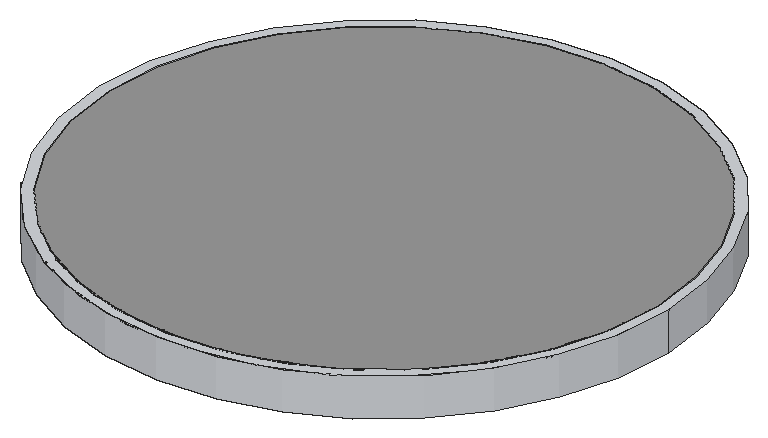
Revit family "2071235", category Lighting Fixtures, host Face, Revit 2018
Family settings
  Host = Face
  Round Connector Dimension = Use Diameter
  Part Type = Normal
  OmniClass Number = 23.80.70.00
  OmniClass Title = Lighting
  Cut with Voids When Loaded = No
  Light Source = Yes
  Shared = No
  Room Calculation Point = No
Parameters (values of type "2071235 COLOSSAL 900 830 OP DIR WHT SSA02")
  iner diameter = 856 mm
  Weight = "n/a"
  Wattage Comments = ""
  Wattage = 30 W
  WarrantyStartDate [instance] = "n/a"
  WarrantyGuarantorParts = "n/a"
  WarrantyDurationUnit = "n/a"
  WarrantyDurationParts = ""
  WarrantyDescription = "http://www.sylvania-lighting.com"
  built-in parameter 1150110 = 1 (stored number, unit not read)
  Voltage = 230 V
  URL = "0.95"
  TypeName = "COLOSSAL 900mm 830 OPAL DIR WHITE SSA02"
  Type Image = <None>
  Type Comments = "n/a"
  built-in parameter 1114217 = 1 (stored number, unit not read)
  Tilt Angle = -90.00°
  built-in parameter 1150109 = 1 (stored number, unit not read)
  built-in parameter 1150134 = (empty or 0)
  built-in parameter 1150113 = 1 (stored number, unit not read)
  SerialNumber [instance] = "n/a"
  Photometric Web File = "2071235.ies"
  Material_3_SYL = LED-Sylvania
  PowerFactor = 0
  PowerConsumption = "Lighting"
  NominalLength = 888 mm
  NominalHeight = 93 mm
  NominalDepth = 888 mm
  Name = "COLOSSAL 900mm 830 OPAL DIR WHITE SSA02"
  ModelReference = Name  # "COLOSSAL 900mm 830 OPAL DIR WHITE SSA02"
  ModelNumber = "2071235"
  Model = Name  # "COLOSSAL 900mm 830 OPAL DIR WHITE SSA02"
  Material = "Feilo Sylvania"
  ManufacturerName = "135 lm/W"
  Manufacturer = ""
  LuminousEfficacy = ""
  built-in parameter 1150105 = 270.44 (stored number, unit not read)
  Lumens = 3398.4 lm
  LuminaireType = "0"
  built-in parameter 1150115 = 1 (stored number, unit not read)
  LightOutputRatio = "LED"
  built-in parameter 1150137 = (empty or 0)
  built-in parameter 1150139 = (empty or 0)
  LampsType = Lamp  # "n/a"
  LampNominalLuminous = "3000 K"
  LampMacAdamStep = "80"
  LampColourTemperature = "LED"
  LampColourRenderingIndex = "16500"
  built-in parameter 1150112 = 1 (stored number, unit not read)
  built-in parameter 1150114 = 1 (stored number, unit not read)
  Lamp = "n/a"
  Keynote = "n/a"
  InstallationDate [instance] = "n/a"
  InputVoltage = "0"
  InputNominalFrequency = "3000"
  built-in parameter 1150132 = (empty or 0)
  built-in parameter 1150102 = (empty or 0)
  built-in parameter 1150107 = 3000 (stored number, unit not read)
  built-in parameter 1150138 = (empty or 0)
  IngressProtection = "IfcLightFixtureType"
  ImpactProtectionIndex = "IfcLightFixtureType"
  built-in parameter 1150106 = 2.7044 (stored number, unit not read)
  IfcExportType = "IfcLightFixtureType"
  IfcExportAs = "Class I"
  Emit from Circle Diameter = 385 mm
  Emit Shape Visible in Rendering = no
  ElectricShockClassification = "135"
  built-in parameter 1150104 = 10.524 (stored number, unit not read)
  DocumentationLiterature = "http://www.sylvania-lighting.com/product/en-int/products/2071235"
  DimmingControlOptions = "n/a"
  Material_2_SYL = Polycarbonate_Sylvania_White
  Dimming Lamp Color Temperature Shift = <None>
  Description = "900mm diameter circular architectural luminaire, can be surface mounted or suspended. Powder coated aluminium housing (RAL9016) with polycarbonate opal diffuser. Direct light distribution, 10375lm luminuous flux, 76.8W system power, 135lm/W luminiaire efficacy. Sylsmart Connected enabled. Colour rendering index Ra >80, 3000K Warm White LED, chromaticity tolerance of 3-step MacAdam ellipse. IP40/IP20, IK03. 450mA drive current. Electrical protection Class1, 220-240V. Reported lifetime 66k hours L90B10."
  Default Elevation = 1219.2 mm
  CreatedOn = "23/03/2022"
  CreatedBy = "@sylvania-lighting.com"
  Cost = 0
  Color Filter = 16777215
  built-in parameter 1114216 [instance] = (empty or 0)
  ClassificationValue = "EF_70_80"
  ClassificationName = "Uniclass2015"
  Material_1_SYL = Polycarbonate_Sylvania_Opal
  BarCode [instance] = "n/a"
  built-in parameter 1114218 = 1 (stored number, unit not read)
  built-in parameter 1150133 = 10 (stored number, unit not read)
  AssetType = "Fixed"
  AssetIdentifier [instance] = "n/a"
  Assembly Code = "D5020200"
  Apparent Load = 76.8 VA
  Material_4_SYL = none
Reference planes
  plane 1 "Center (Front/Back)": y = 0
  plane 2: z = 0
  plane 3 "Center (Left/Right)": x = 0
  plane 4: z = 1.161
  plane 5: z = 16.161
  plane 6: x = -444
  plane 7: x = 444
  plane 8: y = 444
  plane 9: y = -444
  plane 10: y = 236
  plane 11: y = -236
  plane 12: x = 85
  plane 13: x = -85
  plane 14: through (0, 0, 1219.2) normal (0.5, 0.866, 0)
  plane 15: through (42.5, 73.612, 1219.2) normal (0.5, 0.866, 0)
  plane 16: through (-42.5, -73.612, 1219.2) normal (0.5, 0.866, 0)
  plane 17: through (0, 0, 1219.2) normal (0.5, -0.866, 0)
  plane 18: through (-42.5, 73.612, 1219.2) normal (0.5, -0.866, 0)
  plane 19: through (42.5, -73.612, 1219.2) normal (0.5, -0.866, 0)
  plane 20: z = 93
  plane 21: y = 428
  plane 22: y = -428
Forms (mm)
  Extrusion 1, solid, detail levels medium+fine
    sketch origin (0, 0, 0) x (0.866025, -0.5, 0) y (0.5, 0.866025, 0)
      loop
        circle (-50, 86.603) r 22
    from 0 to 2
  Extrusion 2, solid, detail levels medium+fine
    sketch origin (0, 0, 0) x (0.866025, -0.5, 0) y (0.5, 0.866025, 0)
      loop
        circle (100, 0) r 22
      loop
        circle (-50, -86.603) r 22
    from 0 to 2
  Blend 3, solid, detail levels medium+fine
    base sketch origin (0, 0, 0) x (1, 0, 0) y (0, 1, 0)
      loop
        line (-85, 236) -> (-246.882, -44.388) -> (-161.882, -191.612) -> (161.882, -191.612) -> (246.882, -44.388) -> (85, 236) -> (-85, 236)
    top sketch origin (0, 0, 0) x (1, 0, 0) y (0, 1, 0)
      loop
        line (-85, 283.076) -> (-287.651, -67.926) -> (-207.792, -218.119) -> (207.792, -218.119) -> (292.5, -71.401) -> (85, 283.076) -> (-85, 283.076)
    from 0 to 33.022
  Extrusion 4, solid, detail levels medium+fine
    sketch origin (0, 0, 0) x (1, 0, 0) y (0, 1, 0)
      loop
        circle (0, 0) r 444
    from 33.022 to 93
  Extrusion 5, void
    sketch origin (0, 0, 0) x (1, 0, 0) y (0, 1, 0)
      loop
        circle (0, 0) r 428
    from 96.588 to 37.292
  Extrusion 6, solid, material "Glass, White, High Luminance", detail levels fine
    sketch origin (0, 0, 0) x (1, 0, 0) y (0, 1, 0)
      loop
        circle (0, 0) r 428
    from 87.991 to 93
  Extrusion 7, solid, detail levels coarse
    sketch origin (0, 0, 0) x (1, 0, 0) y (0, 1, 0)
      loop
        line (-444, 444) -> (-444, -444) -> (444, -444) -> (444, 444) -> (-444, 444)
    from 0 to 93.648
Cuts and joins
  Extrusion 5 cuts Extrusion 1
  Extrusion 5 cuts Extrusion 2
  Extrusion 5 cuts Blend 3
  Extrusion 5 cuts Extrusion 4
Lines and regions (mm)
  model lines, detail levels medium+fine
    curve 1: circle (0, 0, 0) r 100 normal (0, 0, 1)
Dimensions and locks
  "NominalDepth": plane 8 to plane 9
  plane 8 to plane 1 "Center (Front/Back)" to plane 9 = 444 mm, 444 mm
  "NominalLength": plane 6 to plane 7
  equal spacing: plane 6, plane 3 "Center (Left/Right)", plane 7
  "NominalHeight": level to plane 20
  "iner diameter": plane 21 to plane 22
  equal spacing: plane 21, plane 1 "Center (Front/Back)", plane 22
  aligned and locked: plane 2 to host face
  aligned and locked: level to host face
Automatic sketch dimensions
  host sketch curve to host sketch curve = 2438.4 mm  (x2)
  Extrusion 1 sketch curve to plane 3 "Center (Left/Right)" = 0 mm
  Extrusion 1 sketch curve to plane 1 "Center (Front/Back)" = 100 mm
  plane 1 "Center (Front/Back)" to Extrusion 2 sketch curve = 50 mm
  Extrusion 2 sketch curve to plane 3 "Center (Left/Right)" = 86.603 mm
  Extrusion 2 sketch curve to Extrusion 2 sketch curve = 150 mm
  Extrusion 2 sketch curve to Extrusion 2 sketch curve = 86.603 mm
  plane 1 "Center (Front/Back)" to curve 1 = 0 mm
  curve 1 to plane 3 "Center (Left/Right)" = 0 mm
  plane 18 to Blend 3 sketch curve = 0 mm  (x2)
  plane 19 to Blend 3 sketch curve = 0 mm  (x2)
  Blend 3 sketch curve to plane 10 = 0 mm
  Blend 3 sketch curve to plane 13 = 0 mm  (x2)
  Blend 3 sketch curve to plane 12 = 0 mm  (x2)
  Blend 3 sketch curve to plane 16 = 0 mm  (x2)
  Blend 3 sketch curve to plane 15 = 0 mm
  plane 11 to Blend 3 sketch curve = 44.388 mm
  plane 1 "Center (Front/Back)" to Blend 3 sketch curve = 44.388 mm  (x2)
  plane 11 to Blend 3 sketch curve = 17.881 mm
  plane 1 "Center (Front/Back)" to Blend 3 sketch curve = 67.926 mm
  plane 1 "Center (Front/Back)" to Blend 3 sketch curve = 71.401 mm
  Blend 3 sketch curve to plane 7 = 151.5 mm
  plane 10 to Blend 3 sketch curve = 47.076 mm
  plane 1 "Center (Front/Back)" to Extrusion 4 sketch curve = 0 mm
  Extrusion 4 sketch curve to plane 3 "Center (Left/Right)" = 0 mm
  plane 1 "Center (Front/Back)" to Extrusion 5 sketch curve = 0 mm
  Extrusion 5 sketch curve to plane 3 "Center (Left/Right)" = 0 mm
  plane 1 "Center (Front/Back)" to Extrusion 6 sketch curve = 0 mm
  Extrusion 6 sketch curve to plane 3 "Center (Left/Right)" = 0 mm
  Extrusion 7 sketch curve to plane 6 = 0 mm
  Extrusion 7 sketch curve to plane 7 = 0 mm
  Extrusion 7 sketch curve to plane 9 = 0 mm
  Extrusion 7 sketch curve to plane 8 = 0 mm
  radius of Extrusion 1 sketch curve = 22 mm
  radius of Extrusion 2 sketch curve = 22 mm  (x2)
  radius of curve 1 = 100 mm
  radius of Extrusion 4 sketch curve = 444 mm
  radius of Extrusion 5 sketch curve = 428 mm
  radius of Extrusion 6 sketch curve = 428 mm
Connectors
  electrical at (0, 0, 0), driven by "Apparent Load", driven by "PowerFactor", driven by "Voltage"
    settings: index 1, voltage 230 V, apparent load 76.8 VA, apparent load phase1 0 VA, apparent load phase2 0 VA, apparent load phase3 0 VA, power factor 0, load classification "Lighting", number of poles 1, system type 30, power factor state 1, is connector primary yes, connector utility no, sub classification motor no, connector description ""
